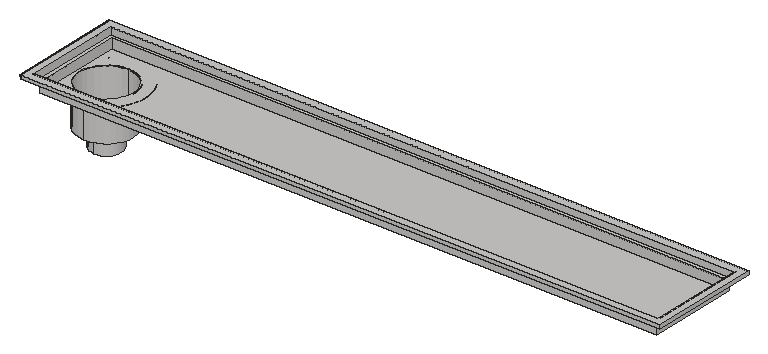
Revit family "QF_ZANUSSI_328056_FDA40230", category Attrezzature speciali, Revit 2020
Family settings
  Quota connettore circolare = Usa diametro
  Tipo di parte = Normale
  Basato su piano di lavoro = No
  Sempre verticale = Sì
  Taglio con vuoti quando caricato = No
  Condiviso = No
  Punto di calcolo locali = No
Parameters (values of type "Standard")
  Weight = 99.208 lbm
  Watts = 0 W
  Volts = 0 V
  URL Manufacturer = "http://www.zanussiprofessional.com"
  URL = "http://www.zanussiprofessional.com"
  Steam Supply Size = 0"
  Steam Supply Minimum Pressure = 0.00 psi
  Steam Supply Maximum Pressure = 0.00 psi
  Steam Consumption per Hour = 0
  Refrigeration Suction Line Size = 0 mm
  Refrigeration Liquid Line Size = 0 mm
  Refrigerant Compressor Remote = yes
  Prospetto di default = 0 mm
  Phase = 0
  Modello = "FDA40230"
  Produttore = "Zanussi"
  Length Actual = 2300 mm  # constant formula
  Item Number = "328056"
  Hot Water Size = 0"
  Height Actual = 265 mm  # constant formula
  HP = "0 HP"
  Gas Size = 0"
  Gas KW = 0
  Gas Input Pressure = 0.0 Btu/h
  Direct Waste Size = 3.93701"
  Descrizione = "FLR.DRAIN+GRATE+S.SIPH-VERT.OUT.400X2300"
  Depth Actual = 400 mm  # constant formula
  Cycle = 0 Hz
  Condensate Return Size = 0"
  Compressed Air Volume = 0 GPM
  Compressed Air Size = 0"
  Compressed Air Pressure = 0.00 psi
  Cold Water Size = 0"
  Assembly Code = ""
  Accessory = yes
Reference planes
  plane 1: z = 0
  plane 2 "Center (Front/Back)": y = -102.225
  plane 3 "Center (Left/Right)": x = 9.791
  plane 4 "TOP": z = -265
  plane 5 "Back": y = 97.775
  plane 6 "Front": y = -302.225
  plane 7: x = -140.209
  plane 8: x = 159.791
  plane 9: x = 2159.791
Forms (mm)
  Revolve 1, solid, material "QF_Metal-Stainless-Polished"
    sketch origin (9.791, 0, 0) x (0, 1, 0) y (0, 0, 1)
      loop
        line (38.775, -62) -> (38.775, -60) -> (-4.225, -60) -> (-4.225, -198) -> (-49.225, -198) -> (-49.225, -265) -> (-47.225, -265) -> (-47.225, -200) -> (-2.225, -200) -> (-2.225, -62) -> (38.775, -62)
      axis (-102.225, -265) -> (-102.225, -60)
    angle from 0 to 360
  Sweep 2, solid, material "QF_Finishes_Stainless Steel"
    path origin (0, 0, 0) x (1, 0, 0) y (0, 1, 0)
      loop
        line (-140.209, 97.775) -> (-140.209, -302.225) -> (2159.791, -302.225) -> (2159.791, 97.775) -> (-140.209, 97.775)
    profile origin (1009.791, 97.775, 0) x (0, 1, 0) y (0, 0, 1)
      loop
        line (0, -11.945) -> (0, 1) -> (-26, 1) -> (-26, -25) -> (-40, -25) -> (-40, -59) -> (-50, -59) -> (-50, -60) -> (-39, -60) -> (-39, -26) -> (-25, -26) -> (-25, 0.055) -> (-1, 0.055) -> (-1, -11.945) -> (0, -11.945)
  Extrusion 3, solid, material "QF_Finishes_Stainless Steel"
    sketch origin (0, 0, 0) x (1, 0, 0) y (0, 1, 0)
      loop
        line (-90.209, 47.775) -> (-90.209, -252.225) -> (2109.791, -252.225) -> (2109.791, 47.775) -> (-90.209, 47.775)
      loop
        circle (9.791, -102.225) r 98
    from -59 to -60
Cuts and joins
  joined: Sweep 2, Extrusion 3
Lines and regions (mm)
  symbolic lines
    curve 1: line (-140.209, 97.775, 0) -> (2159.791, 97.775, 0)
    curve 2: line (-140.209, -302.225, 0) -> (-140.209, 97.775, 0)
    curve 3: line (2159.791, -302.225, 0) -> (-140.209, -302.225, 0)
    curve 4: line (2159.791, 97.775, 0) -> (2159.791, -302.225, 0)
    curve 5: circle (9.791, -102.225, 0) r 115 normal (0, 0, 1)
    curve 18: circle (9.791, -102.225, 0) r 115 normal (0, 0, -1)
    curve 24: line (-114.209, 71.775, 0) -> (2133.791, 71.775, 0)
    curve 25: line (-114.209, -276.225, 0) -> (-114.209, 71.775, 0)
    curve 26: line (2133.791, -276.225, 0) -> (-114.209, -276.225, 0)
    curve 27: line (2133.791, 71.775, 0) -> (2133.791, -276.225, 0)
    curve 28: circle (9.791, -102.225, 0) r 53 normal (0, 0, 1)
  model lines
    curve 6: line (-100.209, 71.775, 0) -> (-100.209, -276.225, 0)
    curve 7: line (-80.209, 71.775, 0) -> (-80.209, -276.225, 0)
    curve 8: line (-60.209, 71.775, 0) -> (-60.209, -276.225, 0)
    curve 9: line (-40.209, 71.775, 0) -> (-40.209, -276.225, 0)
    curve 10: line (-20.209, 71.775, 0) -> (-20.209, -276.225, 0)
    curve 11: line (-0.209, 71.775, 0) -> (-0.209, -276.225, 0)
    curve 12: line (19.791, 71.775, 0) -> (19.791, -276.225, 0)
    curve 13: line (39.791, 71.775, 0) -> (39.791, -276.225, 0)
    curve 14: line (59.791, 71.775, 0) -> (59.791, -276.225, 0)
    curve 15: line (79.791, 71.775, 0) -> (79.791, -276.225, 0)
    curve 16: line (99.791, 71.775, 0) -> (99.791, -276.225, 0)
    curve 17: line (119.791, 71.775, 0) -> (119.791, -276.225, 0)
    curve 19: line (-114.209, -22.225, 0) -> (2133.791, -22.225, 0)
    curve 20: line (-114.209, -42.225, 0) -> (2133.791, -42.225, 0)
    curve 21: line (-114.209, -62.225, 0) -> (2133.791, -62.225, 0)
    curve 22: line (-114.209, -102.225, 0) -> (2133.791, -102.225, 0)
    curve 23: line (-114.209, -122.225, 0) -> (2133.791, -122.225, 0)
    curve 29: line (-114.209, 37.775, 0) -> (2133.791, 37.775, 0)
    curve 30: line (-114.209, 17.775, 0) -> (2133.791, 17.775, 0)
    curve 31: line (-114.209, -2.225, 0) -> (2133.791, -2.225, 0)
    curve 32: line (-114.209, -202.225, 0) -> (2133.791, -202.225, 0)
    curve 33: line (-114.209, -182.225, 0) -> (2133.791, -182.225, 0)
    curve 34: line (-114.209, -162.225, 0) -> (2133.791, -162.225, 0)
    curve 35: line (-114.209, -142.225, 0) -> (2133.791, -142.225, 0)
    curve 36: line (-114.209, -262.225, 0) -> (2133.791, -262.225, 0)
    curve 37: line (-114.209, -242.225, 0) -> (2133.791, -242.225, 0)
    curve 38: line (-114.209, -222.225, 0) -> (2133.791, -222.225, 0)
    curve 39: line (-114.209, 57.775, 0) -> (2133.791, 57.775, 0)
    curve 40: line (139.791, 71.775, 0) -> (139.791, -276.225, 0)
    curve 41: line (159.791, 71.775, 0) -> (159.791, -276.225, 0)
    curve 42: line (179.791, 71.775, 0) -> (179.791, -276.225, 0)
    curve 43: line (199.791, 71.775, 0) -> (199.791, -276.225, 0)
    curve 44: line (219.791, 71.775, 0) -> (219.791, -276.225, 0)
    curve 45: line (239.791, 71.775, 0) -> (239.791, -276.225, 0)
    curve 46: line (259.791, 71.775, 0) -> (259.791, -276.225, 0)
    curve 47: line (279.791, 71.775, 0) -> (279.791, -276.225, 0)
    curve 48: line (299.791, 71.775, 0) -> (299.791, -276.225, 0)
    curve 49: line (319.791, 71.775, 0) -> (319.791, -276.225, 0)
    curve 50: line (339.791, 71.775, 0) -> (339.791, -276.225, 0)
    curve 51: line (359.791, 71.775, 0) -> (359.791, -276.225, 0)
    curve 52: line (379.791, 71.775, 0) -> (379.791, -276.225, 0)
    curve 53: line (399.791, 71.775, 0) -> (399.791, -276.225, 0)
    curve 54: line (419.791, 71.775, 0) -> (419.791, -276.225, 0)
    curve 55: line (439.791, 71.775, 0) -> (439.791, -276.225, 0)
    curve 56: line (459.791, 71.775, 0) -> (459.791, -276.225, 0)
    curve 57: line (479.791, 71.775, 0) -> (479.791, -276.225, 0)
    curve 58: line (499.791, 71.775, 0) -> (499.791, -276.225, 0)
    curve 59: line (519.791, 71.775, 0) -> (519.791, -276.225, 0)
    curve 60: line (539.791, 71.775, 0) -> (539.791, -276.225, 0)
    curve 61: line (559.791, 71.775, 0) -> (559.791, -276.225, 0)
    curve 62: line (579.791, 71.775, 0) -> (579.791, -276.225, 0)
    curve 63: line (599.791, 71.775, 0) -> (599.791, -276.225, 0)
    curve 64: line (619.791, 71.775, 0) -> (619.791, -276.225, 0)
    curve 65: line (639.791, 71.775, 0) -> (639.791, -276.225, 0)
    curve 66: line (659.791, 71.775, 0) -> (659.791, -276.225, 0)
    curve 67: line (679.791, 71.775, 0) -> (679.791, -276.225, 0)
    curve 68: line (699.791, 71.775, 0) -> (699.791, -276.225, 0)
    curve 69: line (719.791, 71.775, 0) -> (719.791, -276.225, 0)
    curve 70: line (739.791, 71.775, 0) -> (739.791, -276.225, 0)
    curve 71: line (759.791, 71.775, 0) -> (759.791, -276.225, 0)
    curve 72: line (-114.209, -82.225, 0) -> (2133.791, -82.225, 0)
    curve 73: line (779.791, 71.775, 0) -> (779.791, -276.225, 0)
    curve 74: line (799.791, 71.775, 0) -> (799.791, -276.225, 0)
    curve 75: line (819.791, 71.775, 0) -> (819.791, -276.225, 0)
    curve 76: line (839.791, 71.775, 0) -> (839.791, -276.225, 0)
    curve 77: line (859.791, 71.775, 0) -> (859.791, -276.225, 0)
    curve 78: line (879.791, 71.775, 0) -> (879.791, -276.225, 0)
    curve 79: line (899.791, 71.775, 0) -> (899.791, -276.225, 0)
    curve 80: line (919.791, 71.775, 0) -> (919.791, -276.225, 0)
    curve 81: line (939.791, 71.775, 0) -> (939.791, -276.225, 0)
    curve 82: line (959.791, 71.775, 0) -> (959.791, -276.225, 0)
    curve 83: line (979.791, 71.775, 0) -> (979.791, -276.225, 0)
    curve 84: line (999.791, 71.775, 0) -> (999.791, -276.225, 0)
    curve 85: line (1019.791, 71.775, 0) -> (1019.791, -276.225, 0)
    curve 86: line (1039.791, 71.775, 0) -> (1039.791, -276.225, 0)
    curve 87: line (1059.791, 71.775, 0) -> (1059.791, -276.225, 0)
    curve 88: line (1079.791, 71.775, 0) -> (1079.791, -276.225, 0)
    curve 89: line (1099.791, 71.775, 0) -> (1099.791, -276.225, 0)
    curve 90: line (1119.791, 71.775, 0) -> (1119.791, -276.225, 0)
    curve 91: line (1139.791, 71.775, 0) -> (1139.791, -276.225, 0)
    curve 92: line (1159.791, 71.775, 0) -> (1159.791, -276.225, 0)
    curve 93: line (1179.791, 71.775, 0) -> (1179.791, -276.225, 0)
    curve 94: line (1199.791, 71.775, 0) -> (1199.791, -276.225, 0)
    curve 95: line (1219.791, 71.775, 0) -> (1219.791, -276.225, 0)
    curve 96: line (1239.791, 71.775, 0) -> (1239.791, -276.225, 0)
    curve 97: line (1259.791, 71.775, 0) -> (1259.791, -276.225, 0)
    curve 98: line (1279.791, 71.775, 0) -> (1279.791, -276.225, 0)
    curve 99: line (1299.791, 71.775, 0) -> (1299.791, -276.225, 0)
    curve 100: line (1319.791, 71.775, 0) -> (1319.791, -276.225, 0)
    curve 101: line (1339.791, 71.775, 0) -> (1339.791, -276.225, 0)
    curve 102: line (1359.791, 71.775, 0) -> (1359.791, -276.225, 0)
    curve 103: line (1379.791, 71.775, 0) -> (1379.791, -276.225, 0)
    curve 104: line (1399.791, 71.775, 0) -> (1399.791, -276.225, 0)
    curve 105: line (1419.791, 71.775, 0) -> (1419.791, -276.225, 0)
    curve 106: line (1439.791, 71.775, 0) -> (1439.791, -276.225, 0)
    curve 107: line (1459.791, 71.775, 0) -> (1459.791, -276.225, 0)
    curve 108: line (1479.791, 71.775, 0) -> (1479.791, -276.225, 0)
    curve 109: line (1499.791, 71.775, 0) -> (1499.791, -276.225, 0)
    curve 110: line (1519.791, 71.775, 0) -> (1519.791, -276.225, 0)
    curve 111: line (1539.791, 71.775, 0) -> (1539.791, -276.225, 0)
    curve 112: line (1559.791, 71.775, 0) -> (1559.791, -276.225, 0)
    curve 113: line (1579.791, 71.775, 0) -> (1579.791, -276.225, 0)
    curve 114: line (1599.791, 71.775, 0) -> (1599.791, -276.225, 0)
    curve 115: line (1619.791, 71.775, 0) -> (1619.791, -276.225, 0)
    curve 116: line (1639.791, 71.775, 0) -> (1639.791, -276.225, 0)
    curve 117: line (1659.791, 71.775, 0) -> (1659.791, -276.225, 0)
    curve 118: line (1679.791, 71.775, 0) -> (1679.791, -276.225, 0)
    curve 119: line (1699.791, 71.775, 0) -> (1699.791, -276.225, 0)
    curve 120: line (1719.791, 71.775, 0) -> (1719.791, -276.225, 0)
    curve 121: line (1739.791, 71.775, 0) -> (1739.791, -276.225, 0)
    curve 122: line (1759.791, 71.775, 0) -> (1759.791, -276.225, 0)
    curve 123: line (1779.791, 71.775, 0) -> (1779.791, -276.225, 0)
    curve 124: line (1799.791, 71.775, 0) -> (1799.791, -276.225, 0)
    curve 125: line (1819.791, 71.775, 0) -> (1819.791, -276.225, 0)
    curve 126: line (1839.791, 71.775, 0) -> (1839.791, -276.225, 0)
    curve 127: line (1859.791, 71.775, 0) -> (1859.791, -276.225, 0)
    curve 128: line (1879.791, 71.775, 0) -> (1879.791, -276.225, 0)
    curve 129: line (1899.791, 71.775, 0) -> (1899.791, -276.225, 0)
    curve 130: line (1919.791, 71.775, 0) -> (1919.791, -276.225, 0)
    curve 131: line (1939.791, 71.775, 0) -> (1939.791, -276.225, 0)
    curve 132: line (1959.791, 71.775, 0) -> (1959.791, -276.225, 0)
    curve 133: line (1979.791, 71.775, 0) -> (1979.791, -276.225, 0)
    curve 134: line (1999.791, 71.775, 0) -> (1999.791, -276.225, 0)
    curve 135: line (2019.791, 71.775, 0) -> (2019.791, -276.225, 0)
    curve 136: line (2039.791, 71.775, 0) -> (2039.791, -276.225, 0)
    curve 137: line (2059.791, 71.775, 0) -> (2059.791, -276.225, 0)
    curve 138: line (2079.791, 71.775, 0) -> (2079.791, -276.225, 0)
    curve 139: line (2099.791, 71.775, 0) -> (2099.791, -276.225, 0)
    curve 140: line (2119.791, 71.775, 0) -> (2119.791, -276.225, 0)
Dimensions and locks
  equal spacing: plane 8, plane 3 "Center (Left/Right)", plane 7
  level to plane 4 "TOP" = 265 mm
  locked: Revolve 1 sketch curve to Revolve 1 sketch curve at 141
  locked: Revolve 1 sketch curve to Revolve 1 sketch curve at 100
  locked: Revolve 1 sketch curve to Revolve 1 sketch curve at 55
  locked: plane 8 to plane 7 at 300
  equal spacing: plane 6 "Front", plane 2 "Center (Front/Back)", plane 5 "Back"
  locked: plane 6 "Front" to plane 5 "Back" at 400
  locked: plane 7 to plane 9 at 2300
  aligned and locked: level to plane 1
  aligned and locked: Sweep 2 sketch curve to plane 9
  aligned and locked: curve 4 to plane 9
Automatic sketch dimensions
  Revolve 1 sketch curve to plane 2 "Center (Front/Back)" = 0 mm
  plane 4 "TOP" to Revolve 1 sketch curve = 65 mm
  Revolve 1 sketch curve to level = 62 mm
  Revolve 1 sketch curve to Revolve 1 sketch curve = 2 mm  (x4)
  Revolve 1 sketch curve to plane 4 "TOP" = 344.6 mm
  level to Revolve 1 sketch curve = 2466.13 mm
  plane 6 "Front" to Sweep 2 sketch curve = 0 mm
  Sweep 2 sketch curve to plane 7 = 0 mm
  plane 5 "Back" to Sweep 2 sketch curve = 0 mm
  level to Sweep 2 sketch curve = 1 mm
  Sweep 2 sketch curve to profile plane = 0 mm
  profile plane to Sweep 2 sketch curve = 1 mm
  profile plane to Sweep 2 sketch curve = 25 mm
  Sweep 2 sketch curve to Sweep 2 sketch curve = 1 mm  (x4)
  Sweep 2 sketch curve to Sweep 2 sketch curve = 14 mm
  level to Sweep 2 sketch curve = 0.055 mm
  Sweep 2 sketch curve to Sweep 2 sketch curve = 12 mm
  Sweep 2 sketch curve to level = 25 mm
  Sweep 2 sketch curve to Sweep 2 sketch curve = 33 mm
  Sweep 2 sketch curve to Sweep 2 sketch curve = 10 mm
  Revolve 1 sketch curve to plane 4 "TOP" = 0 mm
  Extrusion 3 sketch curve to plane 2 "Center (Front/Back)" = 0 mm
  Extrusion 3 sketch curve to plane 3 "Center (Left/Right)" = 0 mm
  plane 7 to Extrusion 3 sketch curve = 50 mm
  Extrusion 3 sketch curve to plane 9 = 50 mm
  Extrusion 3 sketch curve to plane 6 "Front" = 50 mm
  plane 5 "Back" to Extrusion 3 sketch curve = 50 mm
  curve 5 to curve 18 = 0 mm  (x2)
  curve 5 to curve 28 = 0 mm  (x2)
  plane 6 "Front" to curve 3 = 0 mm
  curve 3 to plane 7 = 0 mm
  curve 22 to plane 2 "Center (Front/Back)" = 0 mm
  curve 18 to plane 2 "Center (Front/Back)" = 0 mm
  curve 18 to plane 3 "Center (Left/Right)" = 0 mm
  curve 41 to plane 8 = 0 mm
  plane 5 "Back" to curve 2 = 0 mm
  plane 7 to curve 26 = 26 mm
  curve 27 to plane 9 = 26 mm
  curve 25 to plane 6 "Front" = 26 mm
  plane 5 "Back" to curve 27 = 26 mm
  curve 24 to curve 6 = 14 mm
  curve 6 to curve 7 = 20 mm
  curve 7 to curve 8 = 20 mm
  curve 8 to curve 9 = 20 mm
  curve 9 to curve 10 = 20 mm
  curve 11 to plane 3 "Center (Left/Right)" = 10 mm
  plane 3 "Center (Left/Right)" to curve 12 = 10 mm
  curve 12 to curve 13 = 20 mm
  curve 13 to curve 14 = 20 mm
  curve 14 to curve 15 = 20 mm
  curve 15 to curve 16 = 20 mm
  curve 16 to curve 17 = 20 mm
  curve 40 to curve 41 = 20 mm
  plane 8 to curve 42 = 20 mm
  curve 42 to curve 43 = 20 mm
  curve 43 to curve 44 = 20 mm
  curve 44 to curve 45 = 20 mm
  curve 45 to curve 46 = 20 mm
  curve 46 to curve 47 = 20 mm
  curve 47 to curve 48 = 20 mm
  curve 48 to curve 49 = 20 mm
  curve 49 to curve 50 = 20 mm
  curve 50 to curve 51 = 20 mm
  curve 51 to curve 52 = 20 mm
  curve 52 to curve 53 = 20 mm
  curve 53 to curve 54 = 20 mm
  curve 54 to curve 55 = 20 mm
  curve 55 to curve 56 = 20 mm
  curve 56 to curve 57 = 20 mm
  curve 57 to curve 58 = 20 mm
  curve 58 to curve 59 = 20 mm
  curve 59 to curve 60 = 20 mm
  curve 60 to curve 61 = 20 mm
  curve 61 to curve 62 = 20 mm
  curve 62 to curve 63 = 20 mm
  curve 63 to curve 64 = 20 mm
  curve 64 to curve 65 = 20 mm
  curve 65 to curve 66 = 20 mm
  curve 66 to curve 67 = 20 mm
  curve 67 to curve 68 = 20 mm
  curve 68 to curve 69 = 20 mm
  curve 69 to curve 70 = 20 mm
  curve 70 to curve 71 = 20 mm
  curve 71 to curve 73 = 20 mm
  curve 73 to curve 74 = 20 mm
  curve 74 to curve 75 = 20 mm
  curve 75 to curve 76 = 20 mm
  curve 76 to curve 77 = 20 mm
  curve 77 to curve 78 = 20 mm
  curve 78 to curve 79 = 20 mm
  curve 79 to curve 80 = 20 mm
  curve 80 to curve 81 = 20 mm
  curve 81 to curve 82 = 20 mm
  curve 82 to curve 83 = 20 mm
  curve 83 to curve 84 = 20 mm
  curve 84 to curve 85 = 20 mm
  curve 85 to curve 86 = 20 mm
  curve 86 to curve 87 = 20 mm
  curve 87 to curve 88 = 20 mm
  curve 88 to curve 89 = 20 mm
  curve 89 to curve 90 = 20 mm
  curve 90 to curve 91 = 20 mm
  curve 91 to curve 92 = 20 mm
  curve 92 to curve 93 = 20 mm
  curve 93 to curve 94 = 20 mm
  curve 94 to curve 95 = 20 mm
  curve 95 to curve 96 = 20 mm
  curve 96 to curve 97 = 20 mm
  curve 97 to curve 98 = 20 mm
  curve 98 to curve 99 = 20 mm
  curve 99 to curve 100 = 20 mm
  curve 100 to curve 101 = 20 mm
  curve 101 to curve 102 = 20 mm
  curve 102 to curve 103 = 20 mm
  curve 103 to curve 104 = 20 mm
  curve 104 to curve 105 = 20 mm
  curve 105 to curve 106 = 20 mm
  curve 106 to curve 107 = 20 mm
  curve 107 to curve 108 = 20 mm
  curve 108 to curve 109 = 20 mm
  curve 109 to curve 110 = 20 mm
  curve 110 to curve 111 = 20 mm
  curve 111 to curve 112 = 20 mm
  curve 112 to curve 113 = 20 mm
  curve 113 to curve 114 = 20 mm
  curve 114 to curve 115 = 20 mm
  curve 115 to curve 116 = 20 mm
  curve 116 to curve 117 = 20 mm
  curve 117 to curve 118 = 20 mm
  curve 118 to curve 119 = 20 mm
  curve 119 to curve 120 = 20 mm
  curve 120 to curve 121 = 20 mm
  curve 121 to curve 122 = 20 mm
  curve 122 to curve 123 = 20 mm
  curve 123 to curve 124 = 20 mm
  curve 124 to curve 125 = 20 mm
  curve 125 to curve 126 = 20 mm
  curve 126 to curve 127 = 20 mm
  curve 127 to curve 128 = 20 mm
  curve 128 to curve 129 = 20 mm
  curve 129 to curve 130 = 20 mm
  curve 130 to curve 131 = 20 mm
  curve 131 to curve 132 = 20 mm
  curve 132 to curve 133 = 20 mm
  curve 133 to curve 134 = 20 mm
  curve 134 to curve 135 = 20 mm
  curve 135 to curve 136 = 20 mm
  curve 136 to curve 137 = 20 mm
  curve 137 to curve 138 = 20 mm
  curve 138 to curve 139 = 20 mm
  curve 140 to curve 24 = 14 mm
  curve 25 to curve 36 = 14 mm
  curve 36 to curve 37 = 20 mm
  curve 37 to curve 38 = 20 mm
  curve 38 to curve 32 = 20 mm
  curve 32 to curve 33 = 20 mm
  curve 33 to curve 34 = 20 mm
  curve 34 to curve 35 = 20 mm
  curve 23 to curve 22 = 20 mm
  curve 22 to curve 72 = 20 mm
  curve 72 to curve 21 = 20 mm
  curve 21 to curve 20 = 20 mm
  curve 20 to curve 19 = 20 mm
  curve 19 to curve 31 = 20 mm
  curve 31 to curve 30 = 20 mm
  curve 30 to curve 29 = 20 mm
  curve 39 to curve 24 = 14 mm
  radius of Extrusion 3 sketch curve = 98 mm
  radius of curve 5 = 115 mm
  radius of curve 18 = 115 mm
  radius of curve 28 = 53 mm
Connectors
  piping at (9.791, -102.225, -265), diameter 100, driven by "Direct Waste Size"
    settings: on Revolve 1, index 1, connector inside diameter 24", connector length 0 mm, flow factor 0, pipe flow 0 GPM, pressure drop 0.00 psi, fitting loss kfactor 0, connector angle 0.00°, fixture units 0, engagement length 0 mm, angle of deflection 0.00°, flow configuration 1, flow direction 2, fitting loss method 0, system type 16, joint type 0, gender type 0, connector reference index -1, connector utility 0, adjustable connector no, is connector primary yes, connector description "Drain"
